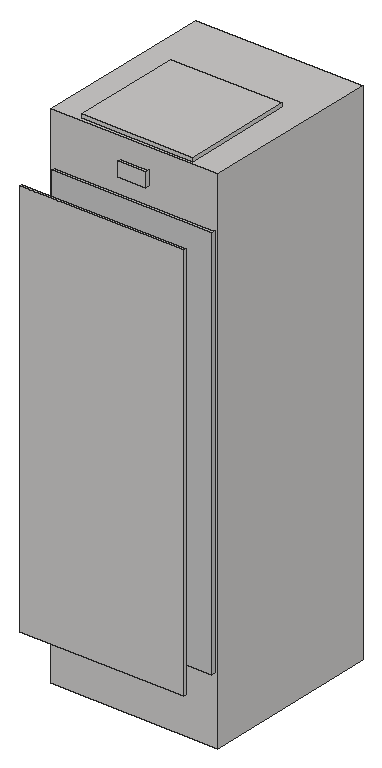
Revit family "Fan_Coil-With_Valve-Whalen-Vertical_Stacked-Classic-4P-No_Risers", category Mechanical Equipment, Revit 2012 (continued)
Definition of nested family "Air Supply"
  Reference planes (in)
    plane 11: y = 5
    plane 12: z = 48
    plane 13: z = 48.5
    plane 14: x = -7
    plane 15: x = 7
    plane 16: y = -7
    plane 17: y = 7
    plane 18: z = 47
    plane 19: z = 39
    plane 20: y = -24.5
    plane 21: y = 24.5
    plane 22: x = -24.5
    plane 23: x = 24.5
    plane 24: x = -24.5
    plane 25: x = 24.5
    plane 26: y = -24.5
    plane 27: y = 24.5
    plane 28: z = 48.5
    plane 29: x = -30.5
    plane 30: y = -30.5
    plane 31: y = 30.5
    plane 32: x = 30.5
    plane 33: z = -6
    plane 34: z = 54.5
  Forms (in)
    Extrusion 1, solid, material "Anodized Aluminum - Whalen - Clear" <- "Product Material", visible <- "z Top", detail levels medium+fine
      sketch origin (0, 0, 0) x (1, 0, 0) y (0, 1, 0)
        loop
          line (11.375, 5) -> (11.375, -5) -> (23.375, -5) -> (23.375, 5) -> (11.375, 5)
      from 48 to 48.5
    Extrusion 2, solid, material "Anodized Aluminum - Whalen - Clear" <- "Product Material", visible <- "z Front", detail levels medium+fine
      sketch origin (0, 0, 0) x (1, 0, 0) y (0, 0, 1)
        loop
          line (-7, 47) -> (-7, 39) -> (7, 39) -> (7, 47) -> (-7, 47)
      from 24 to 24.5
    Extrusion 3, solid, material "Anodized Aluminum - Whalen - Clear" <- "Product Material", visible <- "z Left", detail levels medium+fine
      sketch origin (0, 0, 0) x (0, 1, 0) y (0, 0, 1)
        loop
          line (-7, 47) -> (-7, 39) -> (7, 39) -> (7, 47) -> (-7, 47)
      from -24.5 to -24
    Extrusion 4, solid, material "Anodized Aluminum - Whalen - Clear" <- "Product Material", visible <- "z Right", detail levels medium+fine
      sketch origin (0, 0, 0) x (0, 1, 0) y (0, 0, 1)
        loop
          line (-7, 47) -> (-7, 39) -> (7, 39) -> (7, 47) -> (-7, 47)
      from 24 to 24.5
    Extrusion 5, solid, material "Anodized Aluminum - Whalen - Clear" <- "Product Material", visible <- "z Back", detail levels medium+fine
      sketch origin (0, 0, 0) x (1, 0, 0) y (0, 0, 1)
        loop
          line (-7, 47) -> (-7, 39) -> (7, 39) -> (7, 47) -> (-7, 47)
      from -24.5 to -24
    Extrusion 6, solid, material "Error Box", visible <- "z Error Box is Visible"
      sketch origin (0, 0, 0) x (1, 0, 0) y (0, 1, 0)
        loop
          line (-30.5, 30.5) -> (-30.5, -30.5) -> (30.5, -30.5) -> (30.5, 30.5) -> (-30.5, 30.5)
      from -6 to 54.5
  Lines and regions (in)
    Masking region 1, visible <- "z Front", detail levels medium+fine
      outline origin (0, 0, 0) x (1, 0, 0) y (0, 1, 0)
        loop
          line (-7, -24) -> (-7, -24.5) -> (7, -24.5) -> (7, -24) -> (-7, -24)
    Masking region 2, visible <- "z Left", detail levels medium+fine
      outline origin (0, 0, 0) x (1, 0, 0) y (0, 1, 0)
        loop
          line (-24.5, 7) -> (-24.5, -7) -> (-24, -7) -> (-24, 7) -> (-24.5, 7)
    Masking region 3, visible <- "z Right", detail levels medium+fine
      outline origin (0, 0, 0) x (1, 0, 0) y (0, 1, 0)
        loop
          line (24, 7) -> (24, -7) -> (24.5, -7) -> (24.5, 7) -> (24, 7)
    Masking region 4, visible <- "z Back", detail levels medium+fine
      outline origin (0, 0, 0) x (1, 0, 0) y (0, 1, 0)
        loop
          line (-7, 24.5) -> (-7, 24) -> (7, 24) -> (7, 24.5) -> (-7, 24.5)
    Masking region 5, visible <- "z Top", detail levels medium+fine
      outline origin (0, 0, 0) x (1, 0, 0) y (0, 1, 0)
        loop
          line (11.375, 5) -> (11.375, -5) -> (23.375, -5) -> (23.375, 5) -> (11.375, 5)
    symbolic lines, style "Error Box", visible <- "z Error Box is Visible"
      curve 1: line (-30.5, 30.5, 0) -> (30.5, 30.5, 0)
      curve 2: line (-30.5, -30.5, 0) -> (-30.5, 30.5, 0)
      curve 3: line (30.5, -30.5, 0) -> (-30.5, -30.5, 0)
      curve 4: line (30.5, 30.5, 0) -> (30.5, -30.5, 0)
      curve 5: line (0, -30.5, 54.5) -> (0, 30.5, 54.5)
      curve 6: line (0, -30.5, -6) -> (0, -30.5, 54.5)
      curve 7: line (0, 30.5, -6) -> (0, -30.5, -6)
      curve 8: line (0, 30.5, 54.5) -> (0, 30.5, -6)
      curve 9: line (-30.5, 0, 54.5) -> (30.5, 0, 54.5)
      curve 10: line (-30.5, 0, -6) -> (-30.5, 0, 54.5)
      curve 11: line (30.5, 0, -6) -> (-30.5, 0, -6)
      curve 12: line (30.5, 0, 54.5) -> (30.5, 0, -6)
    symbolic lines, visible <- "z Top", detail levels medium+fine
      curve 13: line (11.375, 5, 0) -> (23.375, 5, 0)
      curve 14: line (11.375, -5, 0) -> (11.375, 5, 0)
      curve 15: line (23.375, -5, 0) -> (11.375, -5, 0)
      curve 16: line (23.375, 5, 0) -> (23.375, -5, 0)
  Dimensions and locks (in)
    equal spacing: plane 6, plane 3 "Center (Left/Right)", plane 7
    equal spacing: plane 4, plane 1 "Center (Front/Back)", plane 5
    "z Cabinet Depth": plane 5 to plane 4
    "z Cabinet Width": plane 6 to plane 7
    "z Top Depth": plane 11 to plane 10
    "z Top Width": plane 8 to plane 9
    "z Top Width Offset From Left": plane 6 to plane 8
    "z Top Depth Offset From Back": plane 5 to plane 11
    plane 34 to plane 13 to plane 28 to plane 12 to plane 18 = 6.000" locked, 0.000" locked, 0.500" locked, 1.000" locked
    "z Cabinet Height": plane 12 to plane 2
    "z Standard Width": plane 14 to plane 15
    "z Cornerstone Offset From Left": plane 6 to plane 14
    "z Standard Width": plane 17 to plane 16
    "z Cornerstone Offset From Back": plane 5 to plane 17
    plane 4 to plane 26 to plane 20 to plane 30 = 0.500" locked, 0.000" locked, 6.000" locked
    plane 31 to plane 21 to plane 27 to plane 5 = 6.000" locked, 0.000" locked, 0.500" locked
    plane 29 to plane 22 to plane 24 to plane 6 = 6.000" locked, 0.000" locked, 0.500" locked
    plane 7 to plane 25 to plane 23 to plane 32 = 0.500" locked, 0.000" locked, 6.000" locked
    "z Standard Height": plane 18 to plane 19
    locked: plane 2 to plane 33 at 6
    aligned and locked: plane 2 to level
    aligned and locked: Extrusion 1 sketch curve to plane 11
    aligned and locked: Extrusion 1 sketch curve to plane 8
    aligned and locked: plane 10 to Extrusion 1 sketch curve
    aligned and locked: plane 9 to Extrusion 1 sketch curve
    aligned and locked: Extrusion 1 to plane 12
    aligned and locked: plane 13 to Extrusion 1
    aligned and locked: Extrusion 2 sketch curve to plane 18
    aligned and locked: Extrusion 2 sketch curve to plane 14
    aligned and locked: plane 19 to Extrusion 2 sketch curve
    aligned and locked: plane 15 to Extrusion 2 sketch curve
    aligned and locked: Extrusion 2 to plane 20
    aligned and locked: plane 4 to Extrusion 2
    aligned and locked: Extrusion 3 sketch curve to plane 18
    aligned and locked: plane 16 to Extrusion 3 sketch curve
    aligned and locked: plane 19 to Extrusion 3 sketch curve
    aligned and locked: Extrusion 3 sketch curve to plane 17
    aligned and locked: Extrusion 4 sketch curve to plane 18
    aligned and locked: plane 16 to Extrusion 4 sketch curve
    aligned and locked: plane 19 to Extrusion 4 sketch curve
    aligned and locked: Extrusion 4 sketch curve to plane 17
    aligned and locked: Extrusion 5 sketch curve to plane 18
    aligned and locked: Extrusion 5 sketch curve to plane 14
    aligned and locked: plane 19 to Extrusion 5 sketch curve
    aligned and locked: plane 15 to Extrusion 5 sketch curve
    aligned and locked: plane 21 to Extrusion 5
    aligned and locked: Extrusion 5 to plane 5
    aligned and locked: plane 22 to Extrusion 3
    aligned and locked: Extrusion 3 to plane 6
    aligned and locked: Extrusion 4 to plane 23
    aligned and locked: plane 7 to Extrusion 4
    aligned and locked: Extrusion 6 sketch curve to plane 31
    aligned and locked: Extrusion 6 sketch curve to plane 29
    aligned and locked: plane 30 to Extrusion 6 sketch curve
    aligned and locked: plane 32 to Extrusion 6 sketch curve
    aligned and locked: Extrusion 6 to plane 33
    aligned and locked: plane 34 to Extrusion 6
    aligned and locked: Masking region 1 sketch curve to plane 14
    aligned and locked: plane 20 to Masking region 1 sketch curve
    aligned and locked: Masking region 1 sketch curve to plane 4
    aligned and locked: plane 15 to Masking region 1 sketch curve
    aligned and locked: plane 6 to Masking region 2 sketch curve
    aligned and locked: Masking region 2 sketch curve to plane 22
    aligned and locked: plane 16 to Masking region 2 sketch curve
    aligned and locked: Masking region 2 sketch curve to plane 17
    aligned and locked: Masking region 3 sketch curve to plane 7
    aligned and locked: plane 16 to Masking region 3 sketch curve
    aligned and locked: Masking region 3 sketch curve to plane 17
    aligned and locked: plane 23 to Masking region 3 sketch curve
    aligned and locked: Masking region 4 sketch curve to plane 14
    aligned and locked: plane 5 to Masking region 4 sketch curve
    aligned and locked: Masking region 4 sketch curve to plane 21
    aligned and locked: plane 15 to Masking region 4 sketch curve
    aligned and locked: plane 10 to Masking region 5 sketch curve
    aligned and locked: Masking region 5 sketch curve to plane 11
    aligned and locked: plane 9 to Masking region 5 sketch curve
    aligned and locked: Masking region 5 sketch curve to plane 8
    aligned and locked: plane 32 to curve 4
    aligned and locked: plane 30 to curve 3
    aligned and locked: curve 2 to plane 29
    aligned and locked: curve 1 to plane 31
    aligned and locked: curve 13 to plane 11
    aligned and locked: curve 14 to plane 8
    aligned and locked: plane 9 to curve 16
    aligned and locked: plane 10 to curve 15
  Automatic sketch dimensions
    curve 7 to plane 30 = 0.000"
    curve 7 to plane 31 = 0.000"
    curve 7 to plane 33 = 0.000"
    curve 6 to plane 34 = 0.000"
    plane 29 to curve 11 = 0.000"
    plane 32 to curve 11 = 0.000"
    curve 11 to plane 33 = 0.000"
    curve 10 to plane 34 = 0.000"
Definition of nested family "4P no Risers"
  Parameters (values of type "Standard")
    z Type [instance] = 1200
    Unit is Master [instance] = no
    Top Riser Offset [instance] = 16.000"
    Riser Size Hot Supply Radius Outside [instance] = Hot Riser Size Supply Radius Nominal + (Convert Nominal to OD / 2) + Insulation Factor  # 0.8125"
    Riser Size Hot Return Radius Outside [instance] = Hot Riser Size Return Radius Nominal + (Convert Nominal to OD / 2) + Insulation Factor  # 0.8125"
    Hot Supply Riser Y if Rear [instance] = Origin to Top  # 57.000"
    Hot Supply Riser Y if Side [instance] = Origin to Top - Constant Riser Offset Side - Distance Between CS and CR - Distance Between CR and D - Distance Between HS and D  # 47.230"
    Hot Supply Riser X if Left [instance] = Origin to Left Side  # 40.000"
    Hot Supply Riser Y [instance] = if(Riser Configuration = 1, Hot Supply Riser Y if Side, if(Riser Configuration = 2, Hot Supply Riser Y if Rear, if(Riser Configuration = 3, Hot Supply Riser Y if Side, 0.000")))  # 57.000"
    Hot Supply Riser X if Right [instance] = Origin to Right Side  # 56.000"
    Hot Supply Riser X if Rear [instance] = Constant Origin + Distance Between HS and D  # 50.130"
    Hot Supply Riser X [instance] = if(Riser Configuration = 1, Hot Supply Riser X if Left, if(Riser Configuration = 2, Hot Supply Riser X if Rear, if(Riser Configuration = 3, Hot Supply Riser X if Right, 0.000")))  # 50.130"
    Supply Riser Top is Visible [instance] = yes
    Supply Riser Bottom is Visible [instance] = yes
    Riser Size Cold Supply Radius Outside [instance] = Cold Riser Size Supply Radius Nominal + (Convert Nominal to OD / 2) + Insulation Factor  # 0.8125"
    Riser Size Cold Return Radius Outside [instance] = Cold Riser Size Return Radius Nominal + (Convert Nominal to OD / 2) + Insulation Factor  # 0.8125"
    Hot Return Riser Y if Side [instance] = Origin to Top - Constant Riser Offset Side - Distance Between CS and CR - Distance Between CR and D - Distance Between HS and D - Distance Between HS and HR  # 43.600"
    Hot Return Riser Y if Rear [instance] = Origin to Top  # 57.000"
    Hot Return Riser Y [instance] = if(Riser Configuration = 1, Hot Return Riser Y if Side, if(Riser Configuration = 2, Hot Return Riser Y if Rear, if(Riser Configuration = 3, Hot Return Riser Y if Side, 0.000")))  # 57.000"
    Hot Return Riser X if Right [instance] = Origin to Right Side  # 56.000"
    Hot Return Riser X if Rear [instance] = Constant Origin + Distance Between HS and D + Distance Between HS and HR  # 53.760"
    Hot Return Riser X if Left [instance] = Origin to Left Side  # 40.000"
    Hot Return Riser X [instance] = if(Riser Configuration = 1, Hot Return Riser X if Left, if(Riser Configuration = 2, Hot Return Riser X if Rear, if(Riser Configuration = 3, Hot Return Riser X if Right, 0.000")))  # 53.760"
    Return Riser Top is Visible [instance] = yes
    Return Riser Bottom is Visible [instance] = yes
    Material [instance] = none
    Master Stub Length Drain [instance] = Drain Connection Actual Outside + 1.000"  # 2.0625"
    Master Stub Length Supply [instance] = Riser Size Cold Supply Radius Outside + 1.000"  # 1.8125"
    Master Stub Length Return [instance] = Riser Size Cold Return Radius Outside + 1.000"  # 1.8125"
    Master Drain Stub is Visible [instance] = and(Unit is Master, not(Has Condensate Pump))  # no
    Housing Top Edge if Right [instance] = Origin to Top - Constant Riser Offset Side + Riser Size Cold Supply Radius Outside + (Constant Chase Body Thickness / 2)  # 55.9325"
    Housing Top Edge if Left [instance] = Origin to Top - Constant Riser Offset Side + Riser Size Cold Supply Radius Outside + (Constant Chase Body Thickness / 2)  # 55.9325"
    Housing Right Edge if Rear [instance] = Origin to Left Side + (Width / 2) + Distance Between HS and D + Distance Between HS and HR + Riser Size Hot Return Radius Outside + Insulation Factor  # 54.5725"
    Housing Left Edge if Rear [instance] = Origin to Left Side + (Width / 2) - Distance Between CR and D - Distance Between CS and CR - Riser Size Cold Supply Radius Outside - Insulation Factor  # 41.4275"
    Housing Bottom Edge if Right [instance] = Origin to Top - Constant Riser Offset Side - Distance Between CS and CR - Distance Between CR and D - Distance Between HS and D - Distance Between HS and HR - Riser Size Hot Return Radius Outside - Constant Chase Body Thickness - (Constant Chase Body Thickness / 2)  # 42.7875"
    Housing Bottom Edge if Left [instance] = Origin to Top - Constant Riser Offset Side - Distance Between CS and CR - Distance Between CR and D - Distance Between HS and D - Distance Between HS and HR - Riser Size Hot Return Radius Outside - Constant Chase Body Thickness - (Constant Chase Body Thickness / 2)  # 42.7875"
    Hot Riser Size Supply Radius Nominal [instance] = 0.750"
    Hot Riser Size Return Radius Nominal [instance] = 0.750"
    Height [instance] = 88.000"
    Has Insulation [instance] = no
    z Riser Size Largest Diameter Supply or Return Nominal [instance] = if(Cold Riser Size Supply Radius Nominal > Cold Riser Size Return Radius Nominal, Cold Riser Size Supply Radius Nominal, Cold Riser Size Return Radius Nominal) * 2  # 1.500"
    z Riser Size Largest Radius Supply or Return [instance] = if(Riser Size Cold Supply Radius Outside > Riser Size Cold Return Radius Outside, Riser Size Cold Supply Radius Outside, Riser Size Cold Return Radius Outside)  # 0.8125"
    Housing Top Edge [instance] = if(Riser Configuration = 1, Housing Top Edge if Left, if(Riser Configuration = 2, Housing Top Edge if Rear, if(Riser Configuration = 3, Housing Top Edge if Right, 0.000")))  # 59.125"
    Housing Right Edge [instance] = if(Riser Configuration = 1, Housing Right Edge if Left, if(Riser Configuration = 2, Housing Right Edge if Rear, if(Riser Configuration = 3, Housing Right Edge if Right, 0.000")))  # 54.5725"
    Housing Left Edge [instance] = if(Riser Configuration = 1, Housing Left Edge if Left, if(Riser Configuration = 2, Housing Left Edge if Rear, if(Riser Configuration = 3, Housing Left Edge if Right, 0.000")))  # 41.4275"
    Housing Bottom Edge [instance] = if(Riser Configuration = 1, Housing Bottom Edge if Left, if(Riser Configuration = 2, Housing Bottom Edge if Rear, if(Riser Configuration = 3, Housing Bottom Edge if Right, 0.000")))  # 57.000"
    Cold Supply Riser Y if Side [instance] = Origin to Top - Constant Riser Offset Side  # 55.120"
    Cold Supply Riser Y if Rear [instance] = Origin to Top  # 57.000"
    Cold Supply Riser Y [instance] = if(Riser Configuration = 1, Cold Supply Riser Y if Side, if(Riser Configuration = 2, Cold Supply Riser Y if Rear, if(Riser Configuration = 3, Cold Supply Riser Y if Side, 0.000")))  # 57.000"
    Cold Supply Riser X if Right [instance] = Origin to Right Side  # 56.000"
    Cold Supply Riser X if Rear [instance] = Constant Origin - Distance Between CR and D - Distance Between CS and CR  # 42.240"
    Cold Supply Riser X if Left [instance] = Origin to Left Side  # 40.000"
    Cold Supply Riser X [instance] = if(Riser Configuration = 1, Cold Supply Riser X if Left, if(Riser Configuration = 2, Cold Supply Riser X if Rear, if(Riser Configuration = 3, Cold Supply Riser X if Right, 0.000")))  # 42.240"
    Cold Riser Size Supply Radius Nominal [instance] = 0.750"
    Cold Riser Size Return Radius Nominal [instance] = 0.750"
    Riser Size Drain Radius Nominal [instance] = 0.750"
    Riser Configuration [instance] = 2
    Has Condensate Pump [instance] = no
    Drain Riser Y if Rear [instance] = Origin to Top  # 57.000"
    Drain Riser Y if Side [instance] = Origin to Top - Constant Riser Offset Side - Distance Between CS and CR - Distance Between CR and D  # 49.360"
    Drain Riser Y [instance] = if(or(Riser Configuration = 1, Riser Configuration = 3), Drain Riser Y if Side, if(Riser Configuration = 2, Drain Riser Y if Rear, 0.000"))  # 57.000"
    Drain Riser X if Right [instance] = Origin to Right Side  # 56.000"
    Drain Riser X if Rear [instance] = Constant Origin  # 48.000"
    Drain Riser X if Left [instance] = Origin to Left Side  # 40.000"
    Drain Riser X [instance] = if(Riser Configuration = 1, Drain Riser X if Left, if(Riser Configuration = 2, Drain Riser X if Rear, if(Riser Configuration = 3, Drain Riser X if Right, 0.000")))  # 48.000"
    Drain Riser Top is Visible Actual [instance] = and(Drain Riser Top is Visible, not(Has Condensate Pump))  # yes
    Drain Riser Top is Visible [instance] = yes
    Drain Riser Bottom is Visible Actual [instance] = and(Drain Riser Bottom is Visible, not(Has Condensate Pump))  # yes
    Drain Riser Bottom is Visible [instance] = yes
    Drain Connection Y [instance] = if(not(Has Condensate Pump), Drain Riser Y, Origin to Top - Condensate Discharge Offset)  # 57.000"
    Drain Connection X [instance] = if(not(Has Condensate Pump), Drain Riser X, if(Riser Configuration = 1, Origin to Left Side + Condensate Discharge Offset, if(Riser Configuration = 2, Origin to Left Side + Width / 2, Origin to Right Side - Condensate Discharge Offset)))  # 48.000"
    Drain Connection Size = 0.375"  # constant formula
    Drain Connection Angle [instance] = if(Has Condensate Pump, 270.00°, 0.00°)  # 0.00°
    Drain Connection Actual Outside [instance] = if(Has Condensate Pump, Drain Connection Size, Riser Size Drain Radius Outside)  # 1.0625"
    Distance Between HS and HR [instance] = if(or(Riser Configuration = 1, Riser Configuration = 3), 3.000", 3.630")  # 3.630"
    Distance Between HS and D [instance] = if(or(Riser Configuration = 1, Riser Configuration = 3), 2.500", 2.130")  # 2.130"
    Distance Between CS and CR [instance] = 3.630"  # constant formula
    Distance Between CR and D [instance] = 2.130"  # constant formula
    Convert Nominal to OD = 0.125"  # constant formula
    Constant Riser Offset Side = 1.880"  # constant formula
    Constant Riser Offset Rear = 2.250"  # constant formula
    Constant Origin = 48.000"  # constant formula
    Constant Insulation Thickness Drain = 0.250"  # constant formula
    Constant Insulation Thickness = 0.190"  # constant formula
    Constant Chase Body Thickness = 0.000"  # constant formula
    Width [instance] = 16.000"
    Riser Size Drain Radius Outside [instance] = Riser Size Drain Radius Nominal + (Convert Nominal to OD / 2) + Constant Insulation Thickness Drain  # 1.0625"
    Origin to Top [instance] = Constant Origin + (Depth / 2)  # 57.000"
    Origin to Right Side [instance] = Constant Origin + (Width / 2)  # 56.000"
    Origin to Left Side [instance] = Constant Origin - (Width / 2)  # 40.000"
    Insulation Factor [instance] = if(Has Insulation, Constant Insulation Thickness, 0.000")  # 0.000"
    Housing Top Edge if Rear [instance] = Origin to Top + Chase Depth  # 59.125"
    Housing Right Edge if Right [instance] = Origin to Right Side + Chase Depth  # 58.125"
    Housing Right Edge if Left [instance] = Origin to Left Side  # 40.000"
    Housing Left Edge if Right [instance] = Origin to Right Side  # 56.000"
    Housing Left Edge if Left [instance] = Origin to Left Side - Chase Depth  # 37.875"
    Housing Bottom Edge if Rear [instance] = Origin to Top  # 57.000"
    Depth [instance] = 18.000"
    Connection Height Supply and Return [instance] = if(z Type = 300, 22.000", if(z Type = 400, 26.000", if(z Type = 600, 29.000", if(z Type = 800, 33.000", if(z Type = 1000, 36.000", if(z Type = 1200, 44.000", 0.000"))))))  # 44.000"
    Connection Height Drain Actual [instance] = if(Has Condensate Pump, Height, Connection Height Drain)  # 3.500"
    Connection Height Drain = 3.500"  # constant formula
    Connection Drain Offset [instance] = if(Has Condensate Pump, 4.000", 0.000")  # 0.000"
    Connection Angle [instance] = if(Riser Configuration = 1, 0.00°, if(Riser Configuration = 2, 270.00°, if(Riser Configuration = 3, 180.00°, 0.00°)))  # 270.00°
    Condensate Discharge Offset = 0.875"  # constant formula
    Cold Return Riser Y if Side [instance] = Origin to Top - Constant Riser Offset Side - Distance Between CS and CR  # 51.490"
    Cold Return Riser Y if Rear [instance] = Origin to Top  # 57.000"
    Cold Return Riser Y [instance] = if(Riser Configuration = 1, Cold Return Riser Y if Side, if(Riser Configuration = 2, Cold Return Riser Y if Rear, if(Riser Configuration = 3, Cold Return Riser Y if Side, 0.000")))  # 57.000"
    Cold Return Riser X if Right [instance] = Origin to Right Side  # 56.000"
    Cold Return Riser X if Rear [instance] = Constant Origin - Distance Between CR and D  # 45.870"
    Cold Return Riser X if Left [instance] = Origin to Left Side  # 40.000"
    Cold Return Riser X [instance] = if(Riser Configuration = 1, Cold Return Riser X if Left, if(Riser Configuration = 2, Cold Return Riser X if Rear, if(Riser Configuration = 3, Cold Return Riser X if Right, 0.000")))  # 45.870"
    Chase Width [instance] = Riser Size Cold Supply Radius Outside + Distance Between CS and CR + Distance Between CR and D + Distance Between HS and D + Distance Between HS and HR + Riser Size Hot Return Radius Outside + Constant Chase Body Thickness  # 13.145"
    Chase Depth [instance] = if(or(Has Condensate Pump, z Riser Size Largest Radius Supply or Return > Riser Size Drain Radius Outside), z Riser Size Largest Radius Supply or Return * 2 + Constant Chase Body Thickness, Riser Size Drain Radius Outside * 2 + Constant Chase Body Thickness)  # 2.125"
    Bottom Riser Offset Top [instance] = if(Unit is Master, Connection Height Drain * 2, 0.000")  # 0.000"
    Bottom Riser Offset Bottom [instance] = 14.000"
    Assembly Code = ""
  Reference planes (in)
    plane 1 "Center (Front/Back)": y = 0
    plane 2: z = 0
    plane 3 "Center (Left/Right)": x = 0
    plane 4: x = -8
    plane 5: x = 8
    plane 6: y = 9
    plane 7: y = -9
    plane 8: x = -48
    plane 9: y = -48
    plane 10 "Cabinet Height": z = 88
    plane 11 "Connection Height": z = 44
    plane 12 "Connection Height Drain": z = 3.5
    plane 13 "Drain Connection": z = 3.5
    plane 14: z = 104
    plane 15: z = -14
    plane 16: z = 0
    plane 17 "Master Void Top": z = 44
    plane 18 "Master Void Base": z = 44
    plane 19 "Master Riser Top": z = 47.5
    plane 20 "Master Riser Bottom": z = 40.5
  Forms (in)
    Sweep 1, solid, material <- "Material", not visible
      path in 3D
        loop
          line (5.76, 9, 44) -> (5.76, 5, 44)
      profile origin (5.76, 7, 44) x (1, 0, 0) y (0, 0, 1)
        loop
          circle (0, 0) r 0.5
    Sweep 2, solid, material <- "Material", not visible
      path in 3D
        loop
          line (2.13, 9, 44) -> (2.13, 5, 44)
      profile origin (2.13, 7, 44) x (1, 0, 0) y (0, 0, 1)
        loop
          circle (0, 0) r 0.5
    Sweep 3, solid, material <- "Material", not visible
      path in 3D
        loop
          line (0, 9, 3.5) -> (0, 5, 3.5)
      profile origin (0, 7, 3.5) x (0, 0, 1) y (-1, 0, 0)
        loop
          circle (0, 0) r 0.5
    Sweep 4, solid, material <- "Material", not visible
      path in 3D
        loop
          line (-2.13, 9, 44) -> (-2.13, 5, 44)
      profile origin (-2.13, 7, 44) x (1, 0, 0) y (0, 0, 1)
        loop
          circle (0, 0) r 0.5
    Sweep 5, solid, material <- "Material", not visible
      path in 3D
        loop
          line (-5.76, 5, 44) -> (-5.76, 9, 44)
      profile origin (-5.76, 7, 44) x (-1, 0, 0) y (0, 0, 1)
        loop
          circle (0, 0) r 0.5
  Lines and regions (in)
    reference lines
      curve 1: line (6.5725, 9, 0) -> (-6.5725, 9, 0)
      curve 2: line (5.76, 9.8125, 44) -> (5.76, 8.1875, 44)
      curve 3: line (4.9475, 9, 44) -> (6.5725, 9, 44)
      curve 4: line (1.3175, 9, 44) -> (2.9425, 9, 44)
      curve 5: line (2.13, 9.8125, 44) -> (2.13, 8.1875, 44)
      curve 6: line (2.13, 9, 44) -> (2.13, 5, 44)
      curve 7: line (5.76, 9, 44) -> (5.76, 5, 44)
      curve 10: line (0, 10.0625, 3.5) -> (0, 7.9375, 3.5)
      curve 11: line (-1.0625, 9, 3.5) -> (1.0625, 9, 3.5)
      curve 12: line (0, 9, 3.5) -> (0, 6.25, 3.5)
      curve 13: line (0, 9, 3.5) -> (0, 5, 3.5)
      curve 15: line (-2.13, 9.8125, 44) -> (-2.13, 8.1875, 44)
      curve 16: line (-2.9425, 9, 44) -> (-1.3175, 9, 44)
      curve 17: line (-2.13, 9, 44) -> (-2.13, 5, 44)
      curve 19: line (-6.5725, 9, 44) -> (-4.9475, 9, 44)
      curve 20: line (-5.76, 5, 44) -> (-5.76, 9, 44)
      curve 22: line (-5.76, 8.1875, 44) -> (-5.76, 9.8125, 44)
    sketch lines
      curve 8: line (5.76, 9, 44) -> (5.76, 5, 44)
      curve 9: line (2.13, 9, 44) -> (2.13, 5, 44)
      curve 14: line (0, 9, 3.5) -> (0, 5, 3.5)
      curve 18: line (-2.13, 9, 44) -> (-2.13, 5, 44)
      curve 21: line (-5.76, 5, 44) -> (-5.76, 9, 44)
    model lines
      curve 23: circle (-5.76, 9, 44) r 0.375 normal (0, -1, 0)
      curve 24: circle (-2.13, 9, 44) r 0.375 normal (0, -1, 0)
      curve 25: circle (2.13, 9, 44) r 0.375 normal (0, -1, 0)
      curve 26: circle (5.76, 9, 44) r 0.375 normal (0, -1, 0)
      curve 27: circle (0, 9, 3.5) r 0.375 normal (0, -1, 0)
  Dimensions and locks (in)
    equal spacing: plane 4, plane 3 "Center (Left/Right)", plane 5
    equal spacing: plane 6, plane 1 "Center (Front/Back)", plane 7
    "Width": plane 4 to plane 5
    "Depth": plane 6 to plane 7
    "Constant Origin": plane 8 to plane 3 "Center (Left/Right)"
    "Constant Origin": plane 9 to plane 1 "Center (Front/Back)"
    "Housing Bottom Edge": curve 1 to plane 9
    "Height": plane 10 "Cabinet Height" to plane 2
    "Connection Height Supply and Return": plane 11 "Connection Height" to plane 2
    equal spacing: curve 3, curve 2, curve 3
    equal spacing: curve 2, curve 3, curve 2
    equal spacing: curve 5, curve 4, curve 5
    equal spacing: curve 4, curve 5, curve 4
    "Riser Size Cold Supply Radius Outside": curve 4 to curve 5  (x2)
    "Riser Size Cold Return Radius Outside": curve 3 to curve 2
    "Riser Size Cold Return Radius Outside": curve 2 to curve 3
    "Hot Supply Riser Y": curve 4 to plane 9
    "Hot Return Riser Y": curve 3 to plane 9
    "Hot Supply Riser X": plane 8 to curve 5
    "Hot Return Riser X": plane 8 to curve 2
    "Connection Height Drain Actual": plane 12 "Connection Height Drain" to plane 2
    "Connection Drain Offset": plane 13 "Drain Connection" to plane 12 "Connection Height Drain"
    equal spacing: curve 10, curve 11, curve 10
    equal spacing: curve 11, curve 10, curve 11
    "Drain Connection Actual Outside": curve 11 to curve 10  (x2)
    "Drain Connection X": plane 8 to curve 10
    "Drain Connection Y": plane 9 to curve 11
    "Top Riser Offset": plane 14 to plane 10 "Cabinet Height"
    "Bottom Riser Offset Bottom": level to plane 15
    "Bottom Riser Offset Top": plane 16 to level
    equal spacing: plane 17 "Master Void Top", plane 11 "Connection Height", plane 18 "Master Void Base"
    "Bottom Riser Offset Top": plane 17 "Master Void Top" to plane 18 "Master Void Base"
    equal spacing: plane 19 "Master Riser Top", plane 11 "Connection Height", plane 20 "Master Riser Bottom"
    "Connection Height Drain": plane 19 "Master Riser Top" to plane 11 "Connection Height"
    equal spacing: curve 16, curve 15, curve 16
    equal spacing: curve 15, curve 16, curve 15
    "Riser Size Cold Return Radius Outside": curve 15 to curve 16
    "Cold Return Riser Y": curve 16 to plane 9
    "Cold Return Riser X": plane 8 to curve 15
    "Cold Supply Riser Y": plane 9 to curve 19
    curve 15 to curve 16 = 0.8125"
    "Riser Size Hot Supply Radius Outside": curve 15 to curve 16
    curve 22 to curve 22 = 1.625"
    equal spacing: curve 22, curve 19, curve 22
    "Riser Size Cold Supply Radius Outside": curve 22 to curve 19  (x2)
    equal spacing: curve 19, curve 22, curve 19
    "Cold Supply Riser X": plane 8 to curve 22
    "Drain Connection Angle": angle curve 12 to curve 13
    "Connection Angle": angle curve 19 to curve 20
    "Connection Angle": angle curve 16 to curve 17
    "Connection Angle": angle curve 4 to curve 6
    "Connection Angle": angle curve 3 to curve 7
    "Connection Angle": angle curve 11 to curve 12
    aligned and locked: plane 2 to level
    aligned and locked: curve 5 to curve 6
    aligned and locked: curve 4 to curve 6
    aligned and locked: curve 3 to curve 7
    aligned and locked: curve 10 to curve 12
    aligned and locked: curve 13 to curve 12
    aligned and locked: curve 19 to curve 20
    aligned and locked: curve 22 to curve 20
  Automatic sketch dimensions
    profile plane to Sweep 1 sketch curve = 0.000"
    Sweep 1 sketch curve to profile plane = 0.000"
    profile plane to Sweep 2 sketch curve = 0.000"
    Sweep 2 sketch curve to profile plane = 0.000"
    curve 13 to curve 12 = 0.000"
    profile plane to Sweep 3 sketch curve = 0.000"
    Sweep 3 sketch curve to profile plane = 0.000"
    profile plane to Sweep 4 sketch curve = 0.000"
    Sweep 4 sketch curve to profile plane = 0.000"
    profile plane to Sweep 5 sketch curve = 0.000"
    Sweep 5 sketch curve to profile plane = 0.000"
    curve 16 to curve 17 = 0.000"
    curve 1 to plane 4 = 1.4275"
    curve 1 to plane 5 = 1.4275"
    radius of Sweep 1 sketch curve = 0.500"
    radius of Sweep 2 sketch curve = 0.500"
    radius of Sweep 3 sketch curve = 0.500"
    radius of Sweep 4 sketch curve = 0.500"
    radius of Sweep 5 sketch curve = 0.500"
    radius of curve 26 to Sweep 1 = 0.125"
    radius of curve 25 to Sweep 2 = 0.125"
    radius of curve 24 to Sweep 4 = 0.125"
    radius of curve 23 to Sweep 5 = 0.125"
    radius of curve 27 to Sweep 3 = 0.125"
Types (6): name | zz YesNo 9 | zz YesNo 6 | zz Length 8 | zz Length 7 | zz Length 6 | zz Length 5 | zz Length 3 | zz Integer 7 | zz Integer 1 | zz HVACAirflow 4 | zz HVACAirflow 3 | zz HVACAirflow 2 | zz HVACAirflow 1 | zz ElectricalWattage 4 | zz ElectricalWattage 3 | zz ElectricalCurrent 8 | zz ElectricalCurrent 6 | zz ElectricalCurrent 5 | zz ElectricalCurrent 3 | zz ElectricalCurrent 2 | zz ElectricalCurrent 1 | Width | Part Number | Part Description | Maximum Heater Size | MCA | Height | Heating Pressure Drop | Heating GPM Actual | FLA | Depth | Cooling Pressure Drop | Cooling GPM Actual | Configuration Error | Chassis is Fixed | Chassis Selection | Apparent Load
  0,300 CFM | no | yes | 8.000" | 36.000" | 38.000" | 14.000" | 48.000" | 300 | 2 | 2.000 GPM | 3.000 GPM | 1.000 GPM | 0.750 GPM | 3000 W | 3000 W | 1 A | 34.1 A | 33.9 A | 1.2 A | 37.9 A | 4.2 A | 16.000" | "WFC-300" | "Vertical Fan-Coil Units, 4 Pipe with Fixed Chassis, 300 CFM" | 3000 W | 33.9 A | 88.000" | 0.133537 psi | 0.750 GPM | 1 A | 18.000" | 0.238202 psi | 1.000 GPM | "ERROR: Select Only One Chassis Option" | yes | "ERROR: Select Only One Chassis Option" | 3898.5 VA
  0,400 CFM | no | yes | 8.000" | 40.000" | 42.000" | 14.000" | 52.000" | 400 | 2 | 2.000 GPM | 3.500 GPM | 1.000 GPM | 0.750 GPM | 4000 W | 4000 W | 1.2 A | 45.6 A | 45 A | 1.7 A | 37.9 A | 4.2 A | 16.000" | "WFC-400" | "Vertical Fan-Coil Units, 4 Pipe with Fixed Chassis, 400 CFM" | 4000 W | 45 A | 88.000" | 0.256247 psi | 0.750 GPM | 1.2 A | 18.000" | 0.454749 psi | 1.000 GPM | "ERROR: Select Only One Chassis Option" | yes | "ERROR: Select Only One Chassis Option" | 5175 VA
  0,600 CFM | no | yes | 8.000" | 44.000" | 45.000" | 14.000" | 56.000" | 600 | 2 | 2.000 GPM | 4.000 GPM | 1.000 GPM | 0.750 GPM | 4000 W | 4000 W | 1.7 A | 46.4 A | 45.6 A | 2.3 A | 37.9 A | 4.2 A | 18.000" | "WFC-600" | "Vertical Fan-Coil Units, 4 Pipe with Fixed Chassis, 600 CFM" | 4000 W | 45.6 A | 88.000" | 0.364521 psi | 0.750 GPM | 1.7 A | 18.000" | 0.840925 psi | 1.000 GPM | "ERROR: Select Only One Chassis Option" | yes | "ERROR: Select Only One Chassis Option" | 5244 VA
  0,800 CFM | no | yes | 8.000" | 48.000" | 49.000" | 14.000" | 60.000" | 800 | 2 | 2.000 GPM | 5.000 GPM | 2.000 GPM | 0.750 GPM | 4000 W | 3000 W | 2.3 A | 37.1 A | 46.4 A | 3.6 A | 40.4 A | 6.2 A | 18.000" | "WFC-800" | "Vertical Fan-Coil Units, 4 Pipe with Fixed Chassis, 800 CFM" | 4000 W | 46.4 A | 88.000" | 0.61355 psi | 0.750 GPM | 2.3 A | 18.000" | 0.812052 psi | 2.000 GPM | "ERROR: Select Only One Chassis Option" | yes | "ERROR: Select Only One Chassis Option" | 5336 VA
  1,000 CFM | no | yes | 10.000" | 48.000" | 51.000" | 20.000" | 62.000" | 1000 | 2 | 3.000 GPM | 8.000 GPM | 3.000 GPM | 1.000 GPM | 4000 W | 3000 W | 3.6 A | 38.7 A | 48 A | 4.9 A | 40.4 A | 6.2 A | 24.000" | "WFC-1000" | "Vertical Fan-Coil Units, 4 Pipe with Fixed Chassis, 1000 CFM" | 4000 W | 48 A | 74.000" | 0.425876 psi | 1.000 GPM | 3.6 A | 24.000" | 0.566632 psi | 3.000 GPM | "ERROR: Select Only One Chassis Option" | yes | "ERROR: Select Only One Chassis Option" | 5520 VA
  1,200 CFM | yes | no | 10.000" | 56.000" | 59.000" | 22.000" | 70.000" | 1200 | 1 | 0.000 GPM | 0.000 GPM | 0.000 GPM | 0.000 GPM | 3000 W | 0 W | 4.9 A | 0 A | 38.7 A | 0 A | 40.4 A | 6.2 A | 24.000" | "WRC-1200" | "Vertical Fan-Coil Units, 4 Pipe with Removable Chassis, 1200 CFM" | 3000 W | 38.7 A | 74.000" | 0.00 psi | 0.000 GPM | 4.9 A | 26.000" | 0.00 psi | 0.000 GPM | "No Error, consider Air Supply Selection if error box remains" | no | "Removable, Low Profile" | 4450.5 VA
